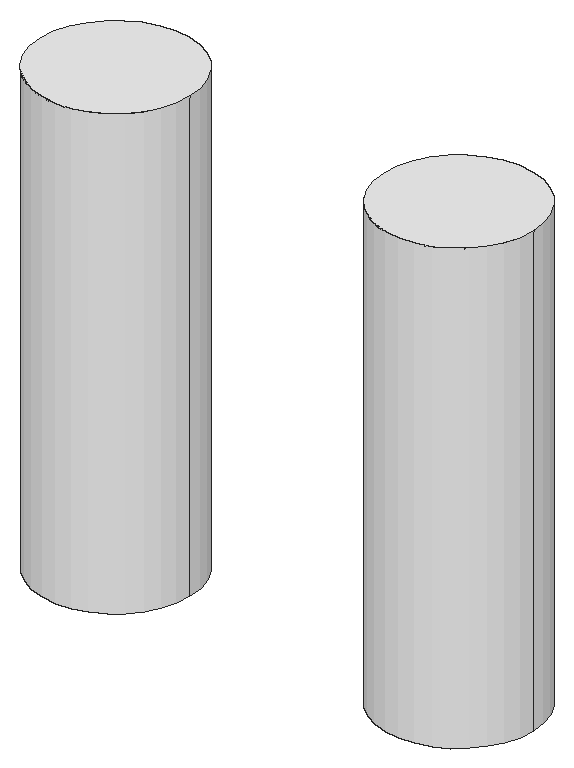
Revit family "5142229300066(2022)", category Plumbing Fixtures, Revit 2018
Family settings
  Round Connector Dimension = Use Diameter
  Part Type = Normal
  OmniClass Number = 23.45.55.00
  OmniClass Title = Sanitary Faucets, Wastes
  Work Plane-Based = No
  Always vertical = Yes
  Cut with Voids When Loaded = No
  Shared = No
  Room Calculation Point = No
Parameters (values of type "5142229300066 Washbasin faucet ")
  WorkingPressure = "50 - 1000 kPa "
  Working Pressure = "50 - 1000 kPa "
  WarrantyStartDate [instance] = "n/a"
  WarrantyGuarantorParts = "n/a"
  WarrantyGuarantorLabor = "n/a"
  WarrantyDurationUnit = "Year"
  WarrantyDurationParts = "n/a"
  WarrantyDurationLabor = "n/a"
  WarrantyDescription = "http://warranty.hansa.com"
  Warranty Information URL = "http://warranty.hansa.com"
  VersionDate = "01/07/2022"
  Version = "2"  # constant formula
  ValvePattern = "n/a"
  ValveOperation = "n/a"
  ValveMechanism = "n/a"
  Uniclass2015Reference = "Pr_40_20_87_96"
  Uniclass2015Description = "Washbasin manual water supply sets"
  Uniclass2 = "Pr_40_30_96_96"
  URL REACH = "http://static.hansa.com/doc/reach"
  URL KIWA SE Type Approval = "http://static.hansa.com/KIWASETypeApproval/5142229300066"
  URL KIWA SE Energy Mark = "http://static.hansa.com/KIWASEEnergyMark/5142229300066"
  URL Declaration of Conformity = "http://static.hansa.com/DoC/5142229300066"
  URL = ""
  UNSPSC Class Number = "30181700 Faucets or taps"
  TestPressure = "n/a"
  Temperature Adjustments = "Limitation option for maximum temperature and flow-rate "
  Technical DataSheet URL = "http://www.hansa.com/datasheet/5142229300066/en"
  TagNumber [instance] = "n/a"
  SustainabilityPerformance = "n/a"
  Surface treatment = "Chrome"
  Spout Type = "Fixed spout"
  Spout Projection = "103 mm"
  Size = "137x48,5x137 mm"
  Shape = "Sculptured"
  SerialNumber [instance] = "n/a"
  Sales Package dimensions (LxWxH) = "540 x 146 x 59"
  Revision = "2"  # constant formula
  ReplacementCost = "n/a"
  ProductInformation = "n/a"
  Product URL = "http://static.hansa.com/5142229300066"
  Product Image URL = "http://static.hansa.com/image/5142229300066"
  Product Family = "HANSAPOLO Eco"
  Product Code = "5142229300066"
  Pressure Loss With Flow 01ls = 200000.0 Pa
  OperatingMechanismMaterial = "n/a"
  NominalWidth = 48.5 mm
  NominalHeight = 137 mm
  NominalDepth = 137 mm
  Noise Class = "I (ISO 3822) "
  Name_en = "5142229300066 Washbasin faucet"
  Name = "5142229300066 Washbasin faucet"
  NBSReference = "45-35-70/371"
  NBSDescription = "Water supply fittings for wash basins and troughs"
  Mounting Holes = "1 hole"
  ModelReference = "5142229300066"
  ModelNumber = "n/a"
  Model = "5142229300066 Washbasin faucet"
  Mobile Product Information URL = "http://mpi.hansa.com/5142229300066"
  Mechanical Parts = "ø 35 mm ceramic eco cartridge for flow and temperature control"
  Max. Hot Water Supply = 70 °C
  Material = "Brass"
  Market = "International;Germany;Austria;Belgium;Netherlands;Czech Republic;Slovakia;Italy"
  ManufacturerURL = "http://www.hansa.com"
  ManufacturerName = "HANSA"
  Manufacturer = "HANSA"
  Lever Handle = "Single operating lever/handle;Hot/Cold symbols"
  Interactive AR View URL = "https://static.hansa.com/AR/5142229300066"
  InstallationDate [instance] = "n/a"
  Installation and Maintenance Guide URL = "http://static.hansa.com/manual/5142229300066"
  Installation Type = "Deck mounted"
  InletConnectionSize = 10 mm
  IfcExportType = "FAUCET"  # constant formula
  IfcExportAs = "IfcValveType"  # constant formula
  Group = "Washbasin faucet"
  Grade = "n/a"
  FlowCoefficient = 0
  Flow Rate At 300kPa With Flow Controller = 0.01 L/s
  Flow Drawing URL = "http://static.hansa.com/flowchart/5142229300066"
  Finish = "Polished"
  Features = "Single-lever"
  FaucetMainMaterial = Brass
  FDV Document URL = "http://www.hansa.com/datasheet/5142229300066/en/fdv"
  ExpectedLife = "n/a"
  Excluded Items = "Without pop-up waste;Without draw-rod opening"
  Eco Flow At 300kPa = 0.68 L/s
  ETIM Class Number = "EC011328 Washbasin mixing tap"
  EN Standard = "EN 817"
  EAN Number = "4057304018374"
  DurationUnit = "Year"
  Dimension Drawing URL = "http://static.hansa.com/dimdrw/5142229300066"
  Description = ""
  DefaultElevation [instance] = 900 mm
  Constituents = "Single lever"
  Connection Size = "G3/8"
  Connection = "Flexible inlet pipes"
  Color = "Chrome"
  CodePerformance = "n/a"
  CloseOffRating = 0
  Catalog Drawing URL = "http://static.hansa.com/catdrw/5142229300066"
  Brand = "HANSA"
  BodyMaterial = "Brass"
  Barcode [instance] = "n/a"
  Backflow Prevention EN1717 = "AA"
  BIMObjectName = "5142229300066(2022)"
  Author = "BIMStone"
  AssetType = "Fixed"
  AssetIdentifier [instance] = "n/a"
  Approval KIWA SE Type Approval = "1441"
  Approval KIWA SE Energy Mark = "1408"
  Aerator = "PCA® - constant flow rate regardless of pressure variations"
  Advanced Features = "Inner body made of DZR brass"
  AccessibilityPerformance = "n/a"
  3D View = "https://static.hansa.com/3D/5142229300066"
  2D/3D/BIM Files URL = "http://static.hansa.com/bim/5142229300066"
Reference planes
  plane 1 "Center (Front/Back)": y = 0
  plane 2: z = 0
  plane 3 "Center (Left/Right)": x = 0
  plane 4: x = -24.25
  plane 5: z = 1037
  plane 6: z = 900
  plane 7: z = 870
  plane 8: y = -137
  plane 9: x = 24.25
Forms (mm)
  Extrusion 1, solid, material "Brass" <- "FaucetMainMaterial"
    sketch origin (0, 0, 0) x (1, 0, 0) y (0, 1, 0)
      loop
        circle (-11.5, -22.5) r 5
      loop
        circle (11.5, -22.5) r 5
    from 870 to 900
Dimensions and locks
  "NominalHeight": plane 5 to plane 6
  "DefaultElevation": plane 6 to level
  locked: plane 6 to plane 7 at 30
  "NominalDepth": plane 8 to plane 1 "Center (Front/Back)"
  equal spacing: plane 4, plane 3 "Center (Left/Right)", plane 9
  "NominalWidth": plane 4 to plane 9
  "InletConnectionSize": diameter of Extrusion 1 sketch curve  (x2)
  aligned and locked: level to plane 2
  aligned and locked: plane 6 to Extrusion 1
  aligned and locked: Extrusion 1 to plane 7
  aligned and locked: plane 1 "Center (Front/Back)" to nested 2
  aligned and locked: plane 3 "Center (Left/Right)" to nested 2
  aligned and locked: plane 6 to nested 2
Automatic sketch dimensions
  Extrusion 1 sketch curve to plane 3 "Center (Left/Right)" = 11.5 mm
  plane 3 "Center (Left/Right)" to Extrusion 1 sketch curve = 11.5 mm
  plane 1 "Center (Front/Back)" to Extrusion 1 sketch curve = 22.5 mm  (x2)
Nested families
  nested 1: "Symbol" at (0, 0, 0), type "Symbol", detail levels coarse
  nested 2: "5142229300066(2022)_p" at (0, 0, 900), type "5142229300066(2022)_p"
Connectors
  piping at (-11.5, -22.5, 870), diameter 10, driven by "InletConnectionSize"
    settings: on Extrusion 1, index 1, connector inside diameter 609.6 mm, connector length 0 mm, flow factor 0, pipe flow 0.01 L/s, pressure drop 0.0 Pa, fitting loss kfactor 0, connector angle 0.00°, fixture units 0, engagement length 0 mm, angle of deflection 0.00°, flow configuration 1, flow direction 1, fitting loss method 0, system type 19, joint type 0, gender type 0, connector reference index -1, connector utility 0, adjustable connector no, is connector primary yes, connector description ""
  piping at (11.5, -22.5, 870), diameter 10, driven by "InletConnectionSize"
    settings: on Extrusion 1, index 2, connector inside diameter 609.6 mm, connector length 0 mm, flow factor 0, pipe flow 0.01 L/s, pressure drop 0.0 Pa, fitting loss kfactor 0, connector angle 0.00°, fixture units 0, engagement length 0 mm, angle of deflection 0.00°, flow configuration 1, flow direction 1, fitting loss method 0, system type 20, joint type 0, gender type 0, connector reference index -1, connector utility 0, adjustable connector no, is connector primary no, connector description ""
Definition of nested family "Symbol"
  Reference planes
    plane 1: y = 0
    plane 2: x = 0
  Lines and regions (mm)
    detail lines
      curve 1: line (0, 0, 0) -> (0, -1.8, 0)
      curve 2: line (-0.4, -1.1, 0) -> (0.4, -1.1, 0)
      curve 3: line (-0.4, -1.4, 0) -> (0.4, -1.4, 0)
      curve 4: line (0.863, 0, 0) -> (-0.863, 0, 0)
      curve 5: circle (-1.163, 0, 0) r 0.3 normal (0, 0, -1)
      curve 6: circle (1.163, 0, 0) r 0.3 normal (0, 0, 1)
Definition of nested family "5142229300066(2022)_p"
  Parameters (values of type "5142229300066(2022)_p")
    NominalWidth = 48.5 mm
    NominalHeight = 137 mm
    NominalDepth = 137 mm
    InletConnectionSize = 10 mm
    FaucetMainMaterial = none
  Reference planes
    plane 1 "Center (Front/Back)": y = 0
    plane 2: z = 0
    plane 3 "Center (Left/Right)": x = 0
    plane 4: x = -24.25
    plane 5: z = 137
    plane 6: z = 0
    plane 7: y = -137
    plane 8: x = 24.25
  Forms (mm)
    Extrusion 1, solid, material <- "FaucetMainMaterial", detail levels medium
      sketch origin (0, 0, -900) x (0, 1, 0) y (0, 0, 1)
        loop
          line (-11.837, 1037) -> (-124.122, 1037) -> (-122.074, 1028.126) -> (-62.2, 1027.177)
          arc (-62.2, 1027.177) -> (-58.651, 1025.78) -> (-57.131, 1022.282) r 4.983
          line (-57.131, 1022.282) -> (-56.683, 996.618) -> (-137, 989.601) -> (-137, 987.69) -> (-131.699, 983.242) -> (-135.856, 977.305) -> (-116.182, 963.529) -> (-114.062, 966.556) -> (-77.551, 967.193)
          arc (-77.551, 967.193) -> (-59.309, 959.809) -> (-50.685, 942.118) r 27.474
          line (-50.685, 942.118) -> (-47, 900) -> (0, 900) -> (-11.837, 1037)
      from -24.25 to 24.25
    Extrusion 2, solid, material <- "FaucetMainMaterial", detail levels coarse
      sketch origin (0, 0, -900) x (1, 0, 0) y (0, 1, 0)
        loop
          line (-24.25, 0) -> (-24.25, -137) -> (24.25, -137) -> (24.25, 0) -> (-24.25, 0)
      from 900 to 1037
  Lines and regions (mm)
    symbolic lines, detail levels medium+fine
      curve 1: line (0, 0, 0) -> (-23.5, 0, 0)
      curve 2: line (-23.5, 0, 0) -> (-23.5, 0, 98.12)
      curve 3: spline (-24.25, 0, 102.285) -> (-24.238, 0, 102.205) -> (-24.201, 0, 102.125) -> (-24.14, 0, 102.045) -> (-24.055, 0, 101.966) -> (-23.945, 0, 101.886) -> (-23.812, 0, 101.808) -> (-23.654, 0, 101.729) -> (-23.472, 0, 101.651) -> (-23.267, 0, 101.574) -> (-23.039, 0, 101.498) -> (-22.787, 0, 101.422) -> (-22.512, 0, 101.347)
      curve 4: arc (-24.25, 0, 102.285) -> (-23.247, 0, 117.942) -> (-21.807, 0, 133.565) r 561.53
      curve 5: line (-20.482, 0, 135.174) -> (-14.32, 0, 136.261)
      curve 6: arc (-14.32, 0, 136.261) -> (-9.879, 0, 136.835) -> (-5.404, 0, 137) r 48.793
      curve 7: line (-5.404, 0, 137) -> (0, 0, 137)
      curve 9: line (0, 0, 0) -> (23.5, 0, 0)
      curve 10: line (23.5, 0, 0) -> (23.5, 0, 98.12)
      curve 11: spline (24.25, 0, 102.285) -> (24.238, 0, 102.205) -> (24.201, 0, 102.125) -> (24.14, 0, 102.045) -> (24.055, 0, 101.966) -> (23.945, 0, 101.886) -> (23.812, 0, 101.808) -> (23.654, 0, 101.729) -> (23.472, 0, 101.651) -> (23.267, 0, 101.574) -> (23.039, 0, 101.498) -> (22.787, 0, 101.422) -> (22.512, 0, 101.347)
      curve 12: arc (24.249, 0, 102.311) -> (23.246, 0, 117.955) -> (21.807, 0, 133.565) r 561.53
      curve 13: line (20.482, 0, 135.174) -> (14.32, 0, 136.261)
      curve 14: arc (14.32, 0, 136.261) -> (9.879, 0, 136.835) -> (5.404, 0, 137) r 48.793
      curve 15: line (5.404, 0, 137) -> (0, 0, 137)
      curve 16: line (-22.633, 0, 98.988) -> (-22.512, 0, 101.347)
      curve 17: line (22.633, 0, 98.988) -> (22.512, 0, 101.347)
      curve 18: arc (-22.633, 0, 98.988) -> (-23.246, 0, 98.734) -> (-23.5, 0, 98.12) r 0.867
      curve 19: arc (22.633, 0, 98.988) -> (23.246, 0, 98.734) -> (23.5, 0, 98.12) r 0.867
      curve 20: arc (-20.482, 0, 135.174) -> (-21.441, 0, 134.614) -> (-21.807, 0, 133.565) r 1.605
      curve 21: arc (20.482, 0, 135.174) -> (21.441, 0, 134.614) -> (21.807, 0, 133.565) r 1.605
      curve 59: line (0, 0, 0) -> (0, -47, 0)
      curve 60: line (0, -47, 0) -> (0, -50.685, 42.118)
      curve 61: arc (0, -50.685, 42.118) -> (0, -59.309, 59.809) -> (0, -77.551, 67.193) r 27.474
      curve 62: line (0, -77.551, 67.193) -> (0, -109.985, 66.627)
      curve 63: arc (0, -109.985, 66.627) -> (0, -111.706, 66.9) -> (0, -113.23, 67.744) r 5.017
      curve 65: line (0, -136.087, 89.68) -> (0, -56.683, 96.618)
      curve 66: line (0, -56.683, 96.618) -> (0, -57.131, 122.282)
      curve 67: arc (0, -57.131, 122.282) -> (0, -58.651, 125.78) -> (0, -62.2, 127.177) r 4.983
      curve 68: line (0, -62.2, 127.177) -> (0, -118.76, 128.074)
      curve 69: arc (0, -118.76, 128.074) -> (0, -121.312, 128.98) -> (0, -122.794, 131.248) r 4.237
      curve 70: line (0, -122.794, 131.248) -> (0, -123.357, 133.686)
      curve 71: arc (0, -123.357, 133.686) -> (0, -123.101, 134.795) -> (0, -122.07, 135.277) r 1.299
      curve 72: line (0, -122.07, 135.277) -> (0, -83.546, 136.623)
      curve 73: arc (0, -83.546, 136.623) -> (0, -75.229, 136.862) -> (0, -66.91, 137) r 680.589
      curve 74: arc (0, -66.91, 137) -> (0, -40.52, 136.693) -> (0, -14.169, 135.22) r 597.328
      curve 75: arc (0, -14.169, 135.22) -> (0, -13.191, 134.767) -> (0, -12.746, 133.786) r 1.547
      curve 76: line (0, -12.746, 133.786) -> (0, -9.744, 114.834)
      curve 77: line (0, -9.744, 114.834) -> (0, -15.314, 111.619)
      curve 78: arc (0, -15.314, 111.619) -> (0, -12.568, 106.368) -> (0, -11.235, 100.594) r 23.302
      curve 79: arc (0, -137, 88.684) -> (0, -136.737, 89.36) -> (0, -136.087, 89.68) r 1
      curve 80: arc (0, -137, 88.156) -> (0, -136.906, 87.733) -> (0, -136.643, 87.39) r 1
      curve 81: line (0, -137, 88.684) -> (0, -137, 88.156)
      curve 82: line (0, -116.182, 63.529) -> (0, -135.856, 77.305)
      curve 83: line (0, -131.699, 83.242) -> (0, -135.856, 77.305)
      curve 84: line (0, -113.23, 67.744) -> (0, -116.182, 63.529)
      curve 85: line (0, -131.699, 83.242) -> (0, -136.643, 87.39)
      curve 89: line (0, -11.235, 100.594) -> (0, -8.819, 100.805)
      curve 91: line (0, -137, 0) -> (-6.831, -137, 0)
      curve 92: arc (-6.831, -137, 0) -> (-9.954, -136.71, 0) -> (-12.97, -135.849, 0) r 16.95
      curve 93: arc (-12.97, -135.849, 0) -> (-13.9, -135.32, 0) -> (-14.637, -134.545, 0) r 3.659
      curve 94: arc (-14.637, -134.545, 0) -> (-15.74, -132.603, 0) -> (-16.449, -130.485, 0) r 11.565
      curve 95: line (-16.449, -130.485, 0) -> (-22.722, -40.776, 0)
      curve 96: line (0, -137, 0) -> (6.831, -137, 0)
      curve 97: arc (6.831, -137, 0) -> (9.954, -136.71, 0) -> (12.97, -135.849, 0) r 16.95
      curve 98: arc (12.97, -135.849, 0) -> (13.9, -135.32, 0) -> (14.637, -134.545, 0) r 3.659
      curve 99: arc (14.637, -134.545, 0) -> (15.74, -132.603, 0) -> (16.449, -130.485, 0) r 11.565
      curve 100: line (16.449, -130.485, 0) -> (22.722, -40.776, 0)
      curve 102: spline (23.357, -26.09, 0) -> (23.666, -27.298, 0) -> (23.911, -28.52, 0) -> (24.09, -29.752, 0) -> (24.203, -30.993, 0) -> (24.249, -32.237, 0) -> (24.228, -33.482, 0) -> (24.141, -34.725, 0) -> (23.988, -35.961, 0) -> (23.769, -37.187, 0) -> (23.484, -38.401, 0) -> (23.135, -39.598, 0) -> (22.722, -40.776, 0)
      curve 103: arc (23.357, -26.09, 0) -> (0, 0, 0) -> (-23.357, -26.09, 0) r 23.5
      curve 112: spline (-22.722, -40.776, 0) -> (-23.135, -39.598, 0) -> (-23.484, -38.401, 0) -> (-23.769, -37.187, 0) -> (-23.988, -35.961, 0) -> (-24.141, -34.725, 0) -> (-24.228, -33.482, 0) -> (-24.249, -32.237, 0) -> (-24.203, -30.993, 0) -> (-24.09, -29.752, 0) -> (-23.911, -28.52, 0) -> (-23.666, -27.298, 0) -> (-23.357, -26.09, 0)
      curve 117: line (0, 0, 0) -> (0, -8.819, 100.805)
    symbolic lines, detail levels fine
      curve 8: spline (-22.512, 0, 101.347) -> (-19.863, 0, 100.838) -> (-16.168, 0, 100.405) -> (-11.62, 0, 100.071) -> (-6.46, 0, 99.854) -> (-0.96, 0, 99.765) -> (4.591, 0, 99.808) -> (9.899, 0, 99.982) -> (14.687, 0, 100.278) -> (18.7, 0, 100.679) -> (21.728, 0, 101.165) -> (23.611, 0, 101.71) -> (24.25, 0, 102.285)
      curve 22: line (-15.899, 0, 134.548) -> (-15.72, 0, 131.125)
      curve 23: arc (-15.72, 0, 131.125) -> (-14.393, 0, 128.344) -> (-11.489, 0, 127.315) r 4.026
      curve 24: line (-11.489, 0, 127.315) -> (0, 0, 127.315)
      curve 25: arc (-14.32, 0, 136.261) -> (-15.47, 0, 135.737) -> (-15.899, 0, 134.548) r 1.629
      curve 26: line (15.899, 0, 134.548) -> (15.72, 0, 131.125)
      curve 27: arc (15.72, 0, 131.125) -> (14.393, 0, 128.344) -> (11.489, 0, 127.315) r 4.026
      curve 28: line (11.489, 0, 127.315) -> (0, 0, 127.315)
      curve 29: arc (14.32, 0, 136.261) -> (15.47, 0, 135.737) -> (15.899, 0, 134.548) r 1.629
      curve 30: spline (-22.633, 0, 98.988) -> (-21.861, 0, 98.451) -> (-19.6, 0, 97.951) -> (-16.004, 0, 97.522) -> (-11.316, 0, 97.193) -> (-5.858, 0, 96.986) -> (0, 0, 96.915) -> (5.858, 0, 96.986) -> (11.316, 0, 97.193) -> (16.004, 0, 97.522) -> (19.6, 0, 97.951) -> (21.861, 0, 98.451) -> (22.633, 0, 98.988)
      curve 31: spline (10.604, 0, 69.362) -> (10.649, 0, 71.152) -> (9.811, 0, 72.875) -> (8.158, 0, 74.388) -> (5.828, 0, 75.566) -> (3.015, 0, 76.31) -> (-0.049, 0, 76.56) -> (-3.108, 0, 76.294) -> (-5.91, 0, 75.535) -> (-8.221, 0, 74.345) -> (-9.85, 0, 72.823) -> (-10.662, 0, 71.096) -> (-10.589, 0, 69.307)
      curve 32: line (-10.74, 0, 70.347) -> (-10.74, 0, 77.121)
      curve 33: line (10.74, 0, 70.347) -> (10.74, 0, 77.121)
      curve 34: spline (-10.74, 0, 70.633) -> (-11.115, 0, 71.144) -> (-11.425, 0, 71.671) -> (-11.668, 0, 72.211) -> (-11.842, 0, 72.761) -> (-11.948, 0, 73.317) -> (-11.983, 0, 73.877) -> (-11.948, 0, 74.437) -> (-11.842, 0, 74.993) -> (-11.668, 0, 75.543) -> (-11.425, 0, 76.083) -> (-11.115, 0, 76.61) -> (-10.74, 0, 77.121)
      curve 35: line (-11.983, 0, 73.877) -> (-11.983, 0, 76.203)
      curve 36: line (11.983, 0, 73.877) -> (11.983, 0, 76.203)
      curve 37: spline (-11.983, 0, 76.203) -> (-11.574, 0, 78.096) -> (-10.377, 0, 79.86) -> (-8.473, 0, 81.375) -> (-5.991, 0, 82.538) -> (-3.101, 0, 83.269) -> (0, 0, 83.518) -> (3.101, 0, 83.269) -> (5.991, 0, 82.538) -> (8.473, 0, 81.375) -> (10.377, 0, 79.86) -> (11.574, 0, 78.096) -> (11.983, 0, 76.203)
      curve 38: spline (-10.74, 0, 77.121) -> (-9.578, 0, 78.273) -> (-8.088, 0, 79.275) -> (-6.321, 0, 80.092) -> (-4.338, 0, 80.696) -> (-2.207, 0, 81.067) -> (0, 0, 81.192) -> (2.207, 0, 81.067) -> (4.338, 0, 80.696) -> (6.321, 0, 80.092) -> (8.088, 0, 79.275) -> (9.578, 0, 78.273) -> (10.74, 0, 77.121)
      curve 39: spline (10.74, 0, 77.121) -> (11.115, 0, 76.61) -> (11.425, 0, 76.083) -> (11.668, 0, 75.543) -> (11.842, 0, 74.993) -> (11.948, 0, 74.437) -> (11.983, 0, 73.877) -> (11.948, 0, 73.317) -> (11.842, 0, 72.761) -> (11.668, 0, 72.211) -> (11.425, 0, 71.671) -> (11.115, 0, 71.144) -> (10.74, 0, 70.633)
      curve 40: line (-23.5, 0, 98.12) -> (-17.681, 0, 88.808)
      curve 41: line (-17.681, 0, 88.808) -> (-16.86, 0, 87.495)
      curve 42: arc (-16.86, 0, 87.495) -> (-15.964, 0, 86.671) -> (-14.772, 0, 86.423) r 2.289
      curve 43: line (-3.71, 0, 87.138) -> (-14.772, 0, 86.423)
      curve 44: arc (-3.71, 0, 87.138) -> (-1.858, 0, 87.301) -> (0, 0, 87.355) r 31.816
      curve 45: line (23.5, 0, 98.12) -> (16.86, 0, 87.494)
      curve 46: arc (16.86, 0, 87.494) -> (15.963, 0, 86.67) -> (14.77, 0, 86.422) r 2.29
      curve 47: line (3.71, 0, 87.138) -> (14.77, 0, 86.422)
      curve 48: arc (3.71, 0, 87.138) -> (1.858, 0, 87.301) -> (0, 0, 87.355) r 31.816
      curve 49: line (-23.5, 0, 88.518) -> (-18.651, 0, 77.627)
      curve 50: arc (-18.651, 0, 77.627) -> (-15.357, 0, 72.753) -> (-10.589, 0, 69.307) r 16.858
      curve 51: line (23.5, 0, 88.518) -> (18.651, 0, 77.627)
      curve 52: arc (18.651, 0, 77.627) -> (15.357, 0, 72.753) -> (10.589, 0, 69.307) r 16.858
      curve 53: line (-17.103, 0, 84.092) -> (-17.368, 0, 80.229)
      curve 54: arc (-17.368, 0, 80.229) -> (-16.589, 0, 75.346) -> (-13.751, 0, 71.296) r 11.008
      curve 55: arc (-14.772, 0, 86.423) -> (-16.42, 0, 85.741) -> (-17.103, 0, 84.092) r 2.331
      curve 56: line (17.103, 0, 84.092) -> (17.368, 0, 80.229)
      curve 57: arc (17.368, 0, 80.229) -> (16.589, 0, 75.346) -> (13.751, 0, 71.296) r 11.008
      curve 58: arc (14.772, 0, 86.423) -> (16.42, 0, 85.741) -> (17.103, 0, 84.092) r 2.331
      curve 64: line (0, -113.23, 67.744) -> (0, -131.699, 83.242)
      curve 86: line (0, -15.314, 111.619) -> (0, -31.179, 102.459)
      curve 87: line (0, -56.746, 100.222) -> (0, -31.179, 102.459)
      curve 88: line (0, -56.683, 96.618) -> (0, -11.235, 100.594)
      curve 90: spline (-16.871, -49.542, 0) -> (-17.505, -48.918, 0) -> (-18.114, -48.272, 0) -> (-18.699, -47.604, 0) -> (-19.258, -46.915, 0) -> (-19.791, -46.206, 0) -> (-20.296, -45.479, 0) -> (-20.774, -44.734, 0) -> (-21.223, -43.971, 0) -> (-21.643, -43.194, 0) -> (-22.033, -42.401, 0) -> (-22.393, -41.595, 0) -> (-22.722, -40.776, 0)
      curve 101: spline (-23.357, -26.09, 0) -> (-21.412, -21.325, 0) -> (-18.468, -17.081, 0) -> (-14.662, -13.556, 0) -> (-10.172, -10.913, 0) -> (-5.207, -9.276, 0) -> (0, -8.722, 0) -> (5.207, -9.276, 0) -> (10.172, -10.913, 0) -> (14.662, -13.556, 0) -> (18.468, -17.081, 0) -> (21.412, -21.325, 0) -> (23.357, -26.09, 0)
      curve 104: line (0, -123.45, 0) -> (-5, -123.45, 0)
      curve 105: arc (-5, -123.45, 0) -> (-8.178, -122.739, 0) -> (-10.749, -120.742, 0) r 7.456
      curve 106: arc (-10.749, -120.742, 0) -> (-11.709, -119.136, 0) -> (-12.144, -117.316, 0) r 6.19
      curve 107: line (-12.144, -117.316, 0) -> (-15.964, -54.466, 0)
      curve 108: line (0, -123.45, 0) -> (5, -123.45, 0)
      curve 109: arc (5, -123.45, 0) -> (8.178, -122.739, 0) -> (10.749, -120.742, 0) r 7.456
      curve 110: arc (10.749, -120.742, 0) -> (11.709, -119.136, 0) -> (12.144, -117.316, 0) r 6.19
      curve 111: line (12.144, -117.316, 0) -> (15.964, -54.466, 0)
      curve 113: spline (22.722, -40.776, 0) -> (22.393, -41.595, 0) -> (22.033, -42.401, 0) -> (21.643, -43.194, 0) -> (21.223, -43.971, 0) -> (20.774, -44.734, 0) -> (20.296, -45.479, 0) -> (19.791, -46.206, 0) -> (19.258, -46.915, 0) -> (18.699, -47.604, 0) -> (18.114, -48.272, 0) -> (17.505, -48.918, 0) -> (16.871, -49.542, 0)
      curve 114: spline (18.875, -45.082, 0) -> (21.467, -38.062, 0) -> (21.469, -30.592, 0) -> (18.881, -23.572, 0) -> (14.014, -17.848, 0) -> (7.457, -14.112, 0) -> (0, -12.815, 0) -> (-7.457, -14.112, 0) -> (-14.014, -17.848, 0) -> (-18.881, -23.572, 0) -> (-21.469, -30.592, 0) -> (-21.467, -38.062, 0) -> (-18.875, -45.082, 0)
      curve 115: arc (-15.964, -54.466, 0) -> (-16.854, -49.598, 0) -> (-18.875, -45.082, 0) r 20.664
      curve 116: arc (15.964, -54.466, 0) -> (16.854, -49.598, 0) -> (18.875, -45.082, 0) r 20.664
      curve 118: spline (-10.589, 0, 69.307) -> (-9.881, 0, 67.912) -> (-8.633, 0, 66.65) -> (-6.911, 0, 65.59) -> (-4.812, 0, 64.791) -> (-2.448, 0, 64.297) -> (0.049, 0, 64.133) -> (2.543, 0, 64.31) -> (4.898, 0, 64.817) -> (6.986, 0, 65.627) -> (8.69, 0, 66.695) -> (9.919, 0, 67.964) -> (10.604, 0, 69.362)
  Dimensions and locks
    aligned and locked: level to plane 2
    aligned and locked: plane 6 to import instance
    aligned and locked: Extrusion 2 to plane 6
    aligned and locked: plane 5 to Extrusion 2
